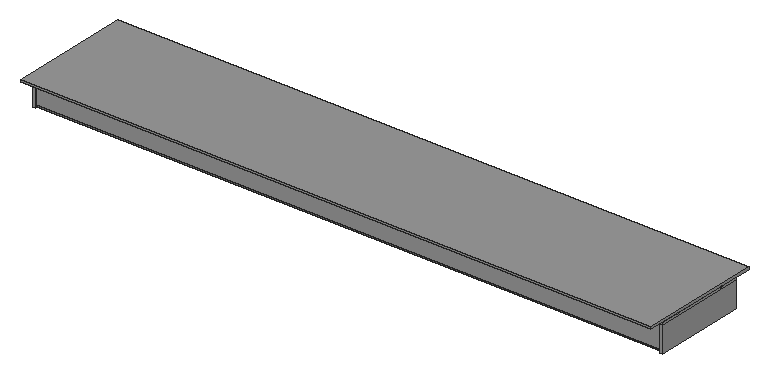
Revit family "Berica 2.2 M", category Lighting Fixtures, Revit 2020 (continued)
Definition of nested family "Light Source Berica 2.2"
  Types (4, lengths in mm): name | Photometric Web File | built-in parameter 1150142
      48 409.16 407.94 406.50 405.23 403.77 \r\n404.44 407.58 410.17 412.99 415.67 418.63 421.06 423.55 \r\n425.88 427.24 427.62 428.55 429.87 431.41 431.85 432.13 \r\n431.64 429.23 425.77 425.20 424.50 423.85 423.40 423.14 \r\n423.11 423.65 424.82 426.58 428.71 431.58 435.00 436.05 \r\n440.97 446.39 452.63 459.73 467.55 476.48 486.43 496.60 \r\n508.12 521.90 535.03 550.97 567.38 586.97 607.75 629.35 \r\n653.86 679.10 708.16 736.26 768.49 801.41 835.83 872.24 \r\n913.26 952.68 996.55 1047.03 1098.39 \r\n1098.39 1046.49 999.51 955.38 915.64 878.31 841.49 808.11 \r\n774.08 744.68 713.52 686.89 661.88 637.95 615.31 595.07 \r\n576.22 559.25 543.52 528.43 515.38 502.90 491.96 481.46 \r\n472.12 463.61 455.80 449.03 443.36 437.83 436.52 432.42 \r\n429.10 426.27 424.04 422.25 420.99 420.20 419.77 419.80 \r\n420.00 420.38 420.83 421.19 423.96 425.70 425.60 425.03 \r\n424.05 422.04 420.39 419.09 418.25 416.40 413.95 411.15 \r\n408.07 405.05 401.94 398.95 395.55 392.69 391.37 392.87 \r\n393.85 394.54 395.42 396.06 397.40 397.83 399.40 399.48 \r\n400.08 400.26 400.94 401.27 401.47 401.78 401.85 401.70 \r\n401.81 401.77 401.61 402.00 401.20 400.85 400.29 399.22 \r\n398.68 398.63 398.18 398.63 398.68 399.22 400.29 400.85 \r\n401.20 402.00 401.61 401.77 401.81 401.70 401.85 401.78 \r\n401.47 401.27 400.94 400.26 400.08 399.48 399.40 397.83 \r\n397.40 396.06 395.42 394.54 393.85 392.87 391.37 392.69 \r\n395.55 398.95 401.94 405.05 408.07 411.15 413.95 416.40 \r\n418.25 419.09 420.39 422.04 424.05 425.03 425.60 425.70 \r\n423.96 421.19 420.83 420.38 420.00 419.80 419.77 420.20 \r\n420.99 422.25 424.04 426.27 429.10 432.42 436.52 437.83 \r\n443.36 449.03 455.80 463.61 472.12 481.46 491.96 502.90 \r\n515.38 528.43 543.52 559.25 576.22 595.07 615.31 637.95 \r\n661.88 686.89 713.52 744.68 774.08 808.11 841.49 878.31 \r\n915.64 955.38 999.51 1046.49 1098.39 \r\n1098.39 1046.99 1002.74 959.15 922.64 885.39 850.82 \r\n818.85 783.91 755.19 725.73 699.93 673.09 649.57 627.60 \r\n606.62 586.88 569.81 552.94 537.50 523.16 511.34 499.37 \r\n488.36 478.60 469.48 461.43 453.14 447.00 440.59 439.19 \r\n434.31 430.46 426.93 423.83 421.25 419.29 417.64 416.52 \r\n415.74 415.35 415.21 415.19 415.25 415.30 416.39 418.08 \r\n417.83 417.05 415.49 413.66 411.25 409.20 407.55 405.78 \r\n403.10 400.40 396.98 393.52 389.69 386.26 383.02 378.99 \r\n377.52 377.61 378.33 378.89 378.98 379.82 380.15 380.27 \r\n381.17 381.70 381.40 381.81 381.60 382.12 381.50 381.75 \r\n381.38 380.99 381.02 381.06 380.85 381.03 380.15 379.48 \r\n378.55 378.14 377.66 377.58 377.66 378.14 378.55 379.48 \r\n380.15 381.03 380.85 381.06 381.02 380.99 381.38 381.75 \r\n381.50 382.12 381.60 381.81 381.40 381.70 381.17 380.27 \r\n380.15 379.82 378.98 378.89 378.33 377.61 377.52 378.99 \r\n383.02 386.26 389.69 393.52 396.98 400.40 403.10 405.78 \r\n407.55 409.20 411.25 413.66 415.49 417.05 417.83 418.08 \r\n416.39 415.30 415.25 415.19 415.21 415.35 415.74 416.52 \r\n417.64 419.29 421.25 423.83 426.93 430.46 434.31 439.19 \r\n440.59 447.00 453.14 461.43 469.48 478.60 488.36 499.37 \r\n511.34 523.16 537.50 552.94 569.81 586.88 606.62 627.60 \r\n649.57 673.09 699.93 725.73 755.19 783.91 818.85 850.82 \r\n885.39 922.64 959.15 1002.74 1046.99 1098.39 \r\n1098.39 1043.77 1005.84 964.80 927.41 891.65 857.21 \r\n825.51 793.78 764.46 736.91 710.90 685.12 662.76 637.40 \r\n618.50 599.50 580.10 563.49 547.84 533.07 519.98 507.86 \r\n496.26 485.91 475.80 466.72 458.82 451.16 444.26 441.76 \r\n436.33 431.76 426.94 423.60 420.29 417.21 414.64 412.55 \r\n411.04 409.91 408.89 408.22 407.80 407.39 407.09 406.83 \r\n407.39 407.36 406.35 404.73 403.03 400.30 398.09 395.67 \r\n393.43 390.55 387.28 383.55 380.20 376.18 372.12 368.37 \r\n364.00 361.51 360.33 360.65 359.91 360.18 359.69 360.03 \r\n360.13 359.67 359.67 359.52 359.46 359.28 358.92 358.34 \r\n358.53 357.21 357.58 356.91 356.58 356.39 355.60 354.93 \r\n353.65 353.07 352.12 352.81 352.12 353.07 353.65 354.93 \r\n355.60 356.39 356.58 356.91 357.58 357.21 358.53 358.34 \r\n358.92 359.28 359.46 359.52 359.67 359.67 360.13 360.03 \r\n359.69 360.18 359.91 360.65 360.33 361.51 364.00 368.37 \r\n372.12 376.18 380.20 383.55 387.28 390.55 393.43 395.67 \r\n398.09 400.30 403.03 404.73 406.35 407.36 407.39 406.83 \r\n407.09 407.39 407.80 408.22 408.89 409.91 411.04 412.55 \r\n414.64 417.21 420.29 423.60 426.94 431.76 436.33 441.76 \r\n444.26 451.16 458.82 466.72 475.80 485.91 496.26 507.86 \r\n519.98 533.07 547.84 563.49 580.10 599.50 618.50 637.40 \r\n662.76 685.12 710.90 736.91 764.46 793.78 825.51 857.21 \r\n891.65 927.41 964.80 1005.84 1043.77 1098.39 \r\n1098.39 1055.06 1014.47 976.85 938.09 906.68 872.53 \r\n842.76 812.83 783.76 755.60 729.91 706.03 680.39 659.33 \r\n636.43 618.65 598.81 582.18 564.80 549.75 535.22 522.87 \r\n511.01 499.11 488.27 478.76 469.78 461.03 453.49 449.92 \r\n443.84 437.85 432.72 427.73 423.38 419.82 416.25 413.40 \r\n410.64 408.55 406.54 404.94 403.60 402.60 401.67 400.73 \r\n399.99 399.17 398.62 397.59 395.85 393.90 391.47 388.79 \r\n386.22 383.32 380.44 376.47 372.92 368.37 364.16 359.79 \r\n355.44 351.29 346.71 344.29 343.40 343.00 341.73 341.18 \r\n340.51 339.87 339.18 338.76 337.92 337.39 336.25 335.68 \r\n335.11 334.32 333.62 332.92 332.84 331.51 330.51 329.44 \r\n328.13 327.17 326.46 326.58 326.46 327.17 328.13 329.44 \r\n330.51 331.51 332.84 332.92 333.62 334.32 335.11 335.68 \r\n336.25 337.39 337.92 338.76 339.18 339.87 340.51 341.18 \r\n341.73 343.00 343.40 344.29 346.71 351.29 355.44 359.79 \r\n364.16 368.37 372.92 376.47 380.44 383.32 386.22 388.79 \r\n391.47 393.90 395.85 397.59 398.62 399.17 399.99 400.73 \r\n401.67 402.60 403.60 404.94 406.54 408.55 410.64 413.40 \r\n416.25 419.82 423.38 427.73 432.72 437.85 443.84 449.92 \r\n453.49 461.03 469.78 478.76 488.27 499.11 511.01 522.87 \r\n535.22 549.75 564.80 582.18 598.81 618.65 636.43 659.33 \r\n680.39 706.03 729.91 755.60 783.76 812.83 842.76 872.53 \r\n906.68 938.09 976.85 1014.47 1055.06 1098.39 \r\n1098.39 1056.53 1019.18 982.52 948.99 916.96 886.84 \r\n857.52 828.31 799.87 772.79 747.89 722.80 701.37 676.42 \r\n656.06 635.61 616.93 599.67 582.17 567.11 551.78 537.56 \r\n524.71 512.74 500.84 490.50 480.57 471.16 462.64 458.47 \r\n451.16 444.61 437.89 431.88 426.40 421.63 417.08 412.87 \r\n409.39 406.22 403.01 400.55 398.03 396.01 394.20 392.57 \r\n391.08 389.66 388.18 386.85 385.19 383.60 381.45 378.91 \r\n376.25 373.42 370.59 367.10 363.32 358.82 354.72 349.54 \r\n345.10 340.40 335.41 330.40 325.96 323.59 321.63 320.36 \r\n319.08 318.06 316.03 315.40 313.69 312.98 311.00 309.82 \r\n308.38 307.82 306.16 304.91 303.99 302.52 301.58 300.04 \r\n298.91 297.33 296.99 296.48 296.99 297.33 298.91 300.04 \r\n301.58 302.52 303.99 304.91 306.16 307.82 308.38 309.82 \r\n311.00 312.98 313.69 315.40 316.03 318.06 319.08 320.36 \r\n321.63 323.59 325.96 330.40 335.41 340.40 345.10 349.54 \r\n354.72 358.82 363.32 367.10 370.59 373.42 376.25 378.91 \r\n381.45 383.60 385.19 386.85 388.18 389.66 391.08 392.57 \r\n394.20 396.01 398.03 400.55 403.01 406.22 409.39 412.87 \r\n417.08 421.63 426.40 431.88 437.89 444.61 451.16 458.47 \r\n462.64 471.16 480.57 490.50 500.84 512.74 524.71 537.56 \r\n551.78 567.11 582.17 599.67 616.93 635.61 656.06 676.42 \r\n701.37 722.80 747.89 772.79 799.87 828.31 857.52 886.84 \r\n916.96 948.99 982.52 1019.18 1056.53 1098.39 \r\n1098.39 1060.43 1025.82 993.78 962.94 932.24 903.60 \r\n874.02 847.12 820.11 794.75 771.85 746.62 724.57 700.97 \r\n681.12 658.85 640.51 622.49 605.62 588.18 573.73 558.71 \r\n544.87 531.83 518.77 507.20 496.03 485.88 475.92 471.58 \r\n462.84 455.23 447.53 440.75 433.45 427.58 421.83 416.63 \r\n411.72 406.77 402.71 399.05 395.58 392.26 389.28 386.50 \r\n384.06 381.94 379.90 377.88 375.64 373.53 371.34 368.90 \r\n366.23 363.65 360.59 357.39 353.61 349.86 345.46 340.68 \r\n335.69 330.49 325.09 319.82 314.52 309.20 304.26 300.14 \r\n298.18 295.94 293.54 291.62 289.62 287.84 285.79 283.92 \r\n281.48 279.35 277.86 275.96 274.19 272.39 270.56 268.99 \r\n267.26 265.72 264.91 264.65 264.91 265.72 267.26 268.99 \r\n270.56 272.39 274.19 275.96 277.86 279.35 281.48 283.92 \r\n285.79 287.84 289.62 291.62 293.54 295.94 298.18 300.14 \r\n304.26 309.20 314.52 319.82 325.09 330.49 335.69 340.68 \r\n345.46 349.86 353.61 357.39 360.59 363.65 366.23 368.90 \r\n371.34 373.53 375.64 377.88 379.90 381.94 384.06 386.50 \r\n389.28 392.26 395.58 399.05 402.71 406.77 411.72 416.63 \r\n421.83 427.58 433.45 440.75 447.53 455.23 462.84 471.58 \r\n475.92 485.88 496.03 507.20 518.77 531.83 544.87 558.71 \r\n573.73 588.18 605.62 622.49 640.51 658.85 681.12 700.97 \r\n724.57 746.62 771.85 794.75 820.11 847.12 874.02 903.60 \r\n932.24 962.94 993.78 1025.82 1060.43 1098.39 \r\n1098.39 1063.04 1032.24 1002.62 973.97 945.00 919.18 \r\n892.78 866.73 843.05 817.36 794.09 770.71 749.53 726.52 \r\n706.94 686.31 667.69 647.91 630.54 614.11 597.65 582.68 \r\n567.72 554.24 540.38 527.87 515.24 504.32 492.86 486.81 \r\n476.94 468.52 459.65 451.53 443.68 436.37 429.81 422.71 \r\n416.87 410.80 405.32 399.77 394.94 390.28 386.02 381.88 \r\n378.43 374.82 371.47 368.40 365.41 362.60 359.88 357.06 \r\n354.45 351.72 348.76 345.79 342.37 338.86 334.37 330.48 \r\n325.23 320.39 314.90 309.20 302.82 296.96 291.41 285.24 \r\n279.75 274.58 271.50 268.13 265.10 261.72 259.31 256.10 \r\n253.39 250.68 247.53 245.01 242.50 239.74 237.73 235.64 \r\n233.79 231.80 230.43 230.60 230.43 231.80 233.79 235.64 \r\n237.73 239.74 242.50 245.01 247.53 250.68 253.39 256.10 \r\n259.31 261.72 265.10 268.13 271.50 274.58 279.75 285.24 \r\n291.41 296.96 302.82 309.20 314.90 320.39 325.23 330.48 \r\n334.37 338.86 342.37 345.79 348.76 351.72 354.45 357.06 \r\n359.88 362.60 365.41 368.40 371.47 374.82 378.43 381.88 \r\n386.02 390.28 394.94 399.77 405.32 410.80 416.87 422.71 \r\n429.81 436.37 443.68 451.53 459.65 468.52 476.94 486.81 \r\n492.86 504.32 515.24 527.87 540.38 554.24 567.72 582.68 \r\n597.65 614.11 630.54 647.91 667.69 686.31 706.94 726.52 \r\n749.53 770.71 794.09 817.36 843.05 866.73 892.78 919.18 \r\n945.00 973.97 1002.62 1032.24 1063.04 1098.39 \r\n1098.39 1067.61 1042.10 1015.61 990.10 963.08 938.38 \r\n914.44 889.65 868.00 844.71 823.45 799.81 779.35 758.12 \r\n737.76 717.17 699.20 680.26 662.50 645.45 628.03 613.63 \r\n597.40 582.88 568.23 555.07 541.46 529.11 516.53 509.01 \r\n498.37 487.76 477.77 468.21 459.77 450.69 442.14 434.93 \r\n427.09 419.81 413.09 405.97 399.90 393.42 387.84 382.42 \r\n377.06 371.86 367.11 362.77 358.10 354.02 350.01 346.51 \r\n342.91 339.51 336.32 332.81 329.51 326.14 322.20 318.47 \r\n313.63 309.36 303.78 298.49 292.22 286.00 279.31 272.68 \r\n266.05 259.31 252.41 246.60 242.21 237.11 233.29 228.97 \r\n225.37 221.12 217.22 214.08 210.58 207.58 203.75 201.78 \r\n198.64 197.03 195.32 195.29 195.32 197.03 198.64 201.78 \r\n203.75 207.58 210.58 214.08 217.22 221.12 225.37 228.97 \r\n233.29 237.11 242.21 246.60 252.41 259.31 266.05 272.68 \r\n279.31 286.00 292.22 298.49 303.78 309.36 313.63 318.47 \r\n322.20 326.14 329.51 332.81 336.32 339.51 342.91 346.51 \r\n350.01 354.02 358.10 362.77 367.11 371.86 377.06 382.42 \r\n387.84 393.42 399.90 405.97 413.09 419.81 427.09 434.93 \r\n442.14 450.69 459.77 468.21 477.77 487.76 498.37 509.01 \r\n516.53 529.11 541.46 555.07 568.23 582.88 597.40 613.63 \r\n628.03 645.45 662.50 680.26 699.20 717.17 737.76 758.12 \r\n779.35 799.81 823.45 844.71 868.00 889.65 914.44 938.38 \r\n963.08 990.10 1015.61 1042.10 1067.61 1098.39 \r\n1098.39 1071.96 1049.55 1025.96 1002.51 982.12 956.66 \r\n937.16 915.18 893.57 872.39 852.22 831.02 813.06 791.83 \r\n771.86 753.28 733.52 717.08 698.71 681.61 664.29 647.82 \r\n631.59 617.36 600.23 587.36 572.81 558.83 545.87 536.39 \r\n524.85 513.36 501.70 490.40 480.21 469.61 460.50 450.41 \r\n441.97 433.06 424.43 416.07 408.74 401.46 393.55 386.57 \r\n379.63 373.38 366.69 360.48 354.68 348.66 342.91 337.99 \r\n332.39 327.94 323.21 318.58 314.04 310.15 305.77 301.89 \r\n297.54 292.90 288.26 282.98 277.16 271.41 264.66 258.14 \r\n250.83 243.26 236.25 228.68 221.82 214.47 208.19 202.74 \r\n197.08 191.38 186.86 182.28 178.11 173.76 169.66 166.37 \r\n163.10 160.83 158.97 158.72 158.97 160.83 163.10 166.37 \r\n169.66 173.76 178.11 182.28 186.86 191.38 197.08 202.74 \r\n208.19 214.47 221.82 228.68 236.25 243.26 250.83 258.14 \r\n264.66 271.41 277.16 282.98 288.26 292.90 297.54 301.89 \r\n305.77 310.15 314.04 318.58 323.21 327.94 332.39 337.99 \r\n342.91 348.66 354.68 360.48 366.69 373.38 379.63 386.57 \r\n393.55 401.46 408.74 416.07 424.43 433.06 441.97 450.41 \r\n460.50 469.61 480.21 490.40 501.70 513.36 524.85 536.39 \r\n545.87 558.83 572.81 587.36 600.23 617.36 631.59 647.82 \r\n664.29 681.61 698.71 717.08 733.52 753.28 771.86 791.83 \r\n813.06 831.02 852.22 872.39 893.57 915.18 937.16 956.66 \r\n982.12 1002.51 1025.96 1049.55 1071.96 1098.39 \r\n1098.39 1077.33 1059.24 1039.91 1019.93 1001.02 981.87 \r\n962.82 943.10 925.12 904.80 886.51 868.31 849.43 829.87 \r\n811.16 793.72 775.74 759.29 740.78 723.89 707.42 691.44 \r\n675.05 659.51 642.95 627.73 612.11 598.06 582.90 572.94 \r\n559.78 546.57 534.11 520.91 509.90 497.60 486.75 475.16 \r\n465.13 454.51 444.59 434.63 425.32 415.37 406.48 397.46 \r\n389.35 381.16 372.88 365.08 357.20 349.89 342.27 335.06 \r\n328.58 321.71 314.97 308.67 302.51 296.26 290.62 284.48 \r\n278.94 273.31 267.69 262.68 256.96 250.91 244.84 238.35 \r\n231.92 224.69 217.02 209.15 201.38 193.48 185.50 177.54 \r\n170.39 162.84 156.97 150.80 145.27 140.38 135.29 131.47 \r\n127.46 124.77 122.81 121.86 122.81 124.77 127.46 131.47 \r\n135.29 140.38 145.27 150.80 156.97 162.84 170.39 177.54 \r\n185.50 193.48 201.38 209.15 217.02 224.69 231.92 238.35 \r\n244.84 250.91 256.96 262.68 267.69 273.31 278.94 284.48 \r\n290.62 296.26 302.51 308.67 314.97 321.71 328.58 335.06 \r\n342.27 349.89 357.20 365.08 372.88 381.16 389.35 397.46 \r\n406.48 415.37 425.32 434.63 444.59 454.51 465.13 475.16 \r\n486.75 497.60 509.90 520.91 534.11 546.57 559.78 572.94 \r\n582.90 598.06 612.11 627.73 642.95 659.51 675.05 691.44 \r\n707.42 723.89 740.78 759.29 775.74 793.72 811.16 829.87 \r\n849.43 868.31 886.51 904.80 925.12 943.10 962.82 981.87 \r\n1001.02 1019.93 1039.91 1059.24 1077.33 1098.39 \r\n1098.39 1082.51 1067.70 1052.74 1038.12 1022.25 1006.18 \r\n990.31 973.82 958.07 941.28 924.51 907.16 889.96 872.48 \r\n856.25 840.62 823.39 806.10 789.00 772.81 756.54 740.65 \r\n723.82 708.11 691.89 677.43 660.42 645.69 630.03 617.07 \r\n602.29 587.79 573.86 561.11 547.28 534.35 521.63 508.05 \r\n496.55 483.55 472.68 460.78 449.11 438.17 426.83 416.63 \r\n406.02 396.14 385.93 376.12 366.30 357.31 347.79 338.91 \r\n329.96 321.48 312.42 304.54 296.39 288.40 280.52 272.14 \r\n264.91 257.19 250.16 242.02 235.31 227.90 220.60 213.26 \r\n206.17 199.31 192.17 184.51 176.53 168.70 159.73 152.19 \r\n143.28 135.59 128.04 120.65 114.13 107.82 102.37 97.14 \r\n93.03 89.21 87.27 86.46 87.27 89.21 93.03 97.14 102.37 \r\n107.82 114.13 120.65 128.04 135.59 143.28 152.19 159.73 \r\n168.70 176.53 184.51 192.17 199.31 206.17 213.26 220.60 \r\n227.90 235.31 242.02 250.16 257.19 264.91 272.14 280.52 \r\n288.40 296.39 304.54 312.42 321.48 329.96 338.91 347.79 \r\n357.31 366.30 376.12 385.93 396.14 406.02 416.63 426.83 \r\n438.17 449.11 460.78 472.68 483.55 496.55 508.05 521.63 \r\n534.35 547.28 561.11 573.86 587.79 602.29 617.07 630.03 \r\n645.69 660.42 677.43 691.89 708.11 723.82 740.65 756.54 \r\n772.81 789.00 806.10 823.39 840.62 856.25 872.48 889.96 \r\n907.16 924.51 941.28 958.07 973.82 990.31 1006.18 1022.25 \r\n1038.12 1052.74 1067.70 1082.51 1098.39 \r\n1098.39 1087.79 1077.22 1066.90 1056.02 1044.08 1032.84 \r\n1020.13 1007.09 994.75 980.08 966.85 951.65 937.25 922.28 \r\n907.08 891.47 875.84 861.07 844.62 829.80 813.23 797.89 \r\n781.68 765.74 749.84 734.28 718.29 701.95 686.88 671.71 \r\n657.14 641.33 626.33 610.81 596.00 580.68 566.90 552.04 \r\n538.36 524.58 509.90 496.45 482.65 470.66 456.52 444.76 \r\n432.19 420.21 407.81 396.56 384.09 373.07 361.88 349.89 \r\n339.52 328.63 318.06 307.81 297.24 287.07 276.92 267.18 \r\n257.96 247.58 238.66 229.19 219.72 210.96 201.97 192.60 \r\n184.00 174.86 166.32 157.60 148.97 140.49 131.64 123.52 \r\n114.31 105.83 97.92 89.93 82.90 76.08 69.45 64.64 59.89 \r\n55.96 53.32 52.54 53.32 55.96 59.89 64.64 69.45 76.08 \r\n82.90 89.93 97.92 105.83 114.31 123.52 131.64 140.49 \r\n148.97 157.60 166.32 174.86 184.00 192.60 201.97 210.96 \r\n219.72 229.19 238.66 247.58 257.96 267.18 276.92 287.07 \r\n297.24 307.81 318.06 328.63 339.52 349.89 361.88 373.07 \r\n384.09 396.56 407.81 420.21 432.19 444.76 456.52 470.66 \r\n482.65 496.4
